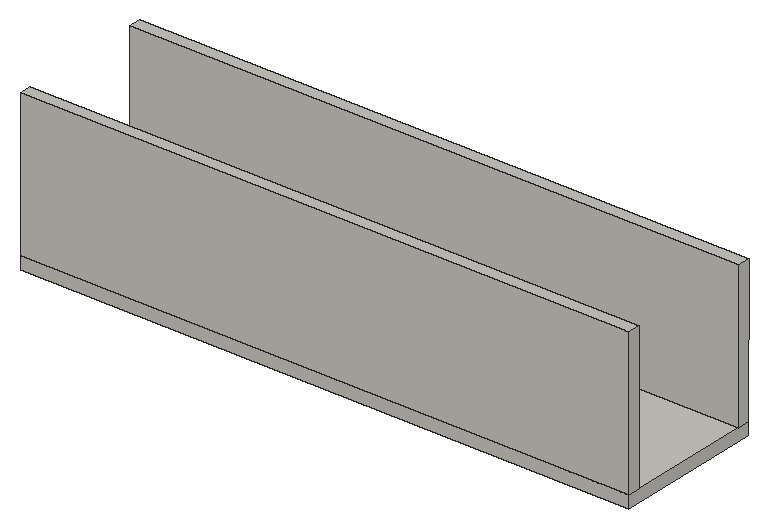
Revit family "FW-PLY-Framing-Line Based", category Site, Revit 2017
Family settings
  Round Connector Dimension = Use Diameter
  Part Type = Normal
  Cut with Voids When Loaded = Yes
  Shared = No
Parameters (values of type "Common Framing FW")
  See Bottom = yes
  Height [instance] = 300 mm
  Width [instance] = 200 mm
  built-in parameter 1001306 [instance] = 980 mm
  LC offset = 100 mm
  Floor thickness [instance] = 65 mm
Types (2, lengths in mm): name | See Bottom | Floor thickness
  Common Framing FW | yes | 65
  Ground Beam FW | no | 100
Reference planes
  plane 1 "Center (Front/Back)": y = 0
  plane 2: z = 0
  plane 3 "Left": x = 0
  plane 4 "Right": x = 980
  plane 5: y = 100
  plane 6: y = -100
  plane 7 "bottom": z = -300
  plane 8: z = -65
Forms (mm)
  Extrusion 1, solid
    sketch origin (0, 0, 0) x (0, 1, 0) y (0, 0, 1)
      loop
        line (120, -65) -> (100, -65) -> (100, -300) -> (120, -300) -> (120, -65)
    from 0 to 980 <- "built-in parameter 1001306"
  Extrusion 2, solid
    sketch origin (0, 0, 0) x (0, 1, 0) y (0, 0, 1)
      loop
        line (-120, -300) -> (-100, -300) -> (-100, -65) -> (-120, -65) -> (-120, -300)
    from 0 to 980 <- "built-in parameter 1001306"
  Extrusion 3, solid, visible <- "See Bottom"
    sketch origin (0, 0, 0) x (0, 1, 0) y (0, 0, 1)
      loop
        line (120, -320) -> (120, -300) -> (-120, -300) -> (-120, -320) -> (120, -320)
    from 0 to 980 <- "built-in parameter 1001306"
Lines and regions (mm)
  reference lines
    curve 1: line (0, 0, 0) -> (980, 0, 0)
Dimensions and locks
  "built-in parameter 1001306": plane 3 "Left" to plane 4 "Right"
  equal spacing: plane 5, plane 1 "Center (Front/Back)", plane 6
  "Width": plane 5 to plane 6
  "Height": plane 7 "bottom" to level
  Extrusion 1 sketch curve to plane 5 = 20 mm
  locked: plane 6 to Extrusion 2 sketch curve at 20
  locked: Extrusion 3 sketch curve to plane 5 at 20
  locked: plane 6 to Extrusion 3 sketch curve at 20
  locked: Extrusion 3 sketch curve to plane 7 "bottom" at 20
  "Floor thickness": level to plane 8
  plane 1 "Center (Front/Back)" to Extrusion 2 = 120 mm
  aligned and locked: plane 4 "Right" to curve 1
  aligned and locked: plane 1 "Center (Front/Back)" to curve 1
  aligned and locked: plane 3 "Left" to curve 1
  aligned and locked: level to plane 2
  aligned and locked: Extrusion 2 to Extrusion 1
  aligned and locked: plane 8 to Extrusion 2
  aligned and locked: plane 8 to Extrusion 1
Automatic sketch dimensions
  Extrusion 1 sketch curve to plane 7 "bottom" = 0 mm
  Extrusion 1 sketch curve to level = 65 mm
  Extrusion 1 sketch curve to plane 5 = 0 mm
  Extrusion 2 sketch curve to plane 7 "bottom" = 0 mm
  Extrusion 2 sketch curve to plane 6 = 0 mm
  Extrusion 2 sketch curve to level = 65 mm
  Extrusion 3 sketch curve to plane 7 "bottom" = 0 mm
